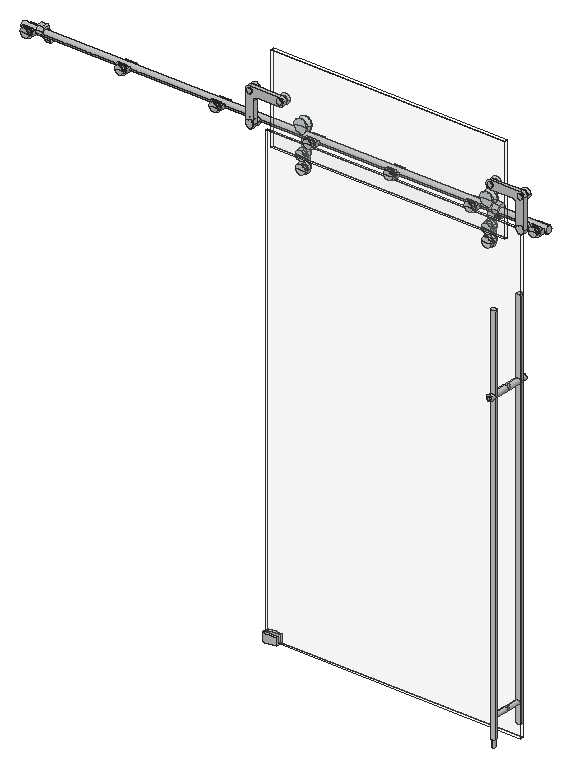
Revit family "Doors_Sliding_Avanti_Systems_Eclipse-Sliding-Single-Glass-Barn-Doors-Dbl-Glazed", category Doors, Revit 2015 (continued)
Definition of nested family "Handle"
  Definition of nested family "Hinged Framed Swing locker"
    Forms (in)
      Extrusion 8, void
        from -3.60215 to 0.49573
      Extrusion 9, solid, material <- "Handle and assembly material"
        sketch origin (1, -4, 4.59375) x (-1, 0, 0) y (0, -1, 0)
          loop
            arc (0.71851, -2.22043) -> (0.66353, -2.32283) -> (0.64453, -2.4375) r 0.35547
            arc (0.64453, -2.4375) -> (0.66353, -2.55217) -> (0.71851, -2.65457) r 0.35547
            line (0.71851, -2.65457) -> (5.3098, -2.57443) -> (5.375, -2.50923) -> (5.375, -2.36577) -> (5.3098, -2.30057) -> (0.71851, -2.22043)
        from 1.45847 to 2.125
      Extrusion 10, void
        sketch origin (0.04357, 0.92043, 4) x (0, 0, -1) y (0.017452, 0.999848, 0)
          loop
            arc (-1.23355, -2.79297) -> (-1.28242, -2.71908) -> (-1.36779, -2.69544) r 0.12635
            line (-1.36779, -2.69544) -> (-2.86779, -2.69544) -> (-2.86779, -2.90667) -> (-1.23355, -2.90667) -> (-1.23355, -2.79297)
        from -3.60215 to 0.49573
      Extrusion 11, solid, material <- "Handle and assembly material"
        sketch origin (1, -4, 3.40625) x (0, 1, 0) y (1, 0, 0)
          loop
            circle (2.4375, -1) r 0.35547
        from 0 to 1.45847
      Extrusion 12, void
        sketch origin (0.04357, -4.04543, 4) x (0, 0, 1) y (0.017452, -0.999848, 0)
          loop
            arc (-1.23355, -2.79297) -> (-1.28242, -2.71908) -> (-1.36779, -2.69544) r 0.12635
            line (-1.36779, -2.69544) -> (-2.86779, -2.69544) -> (-2.86779, -2.90667) -> (-1.23355, -2.90667) -> (-1.23355, -2.79297)
        from -3.60215 to 0.49573
      Extrusion 13, solid, material <- "Handle and assembly material"
        sketch origin (1, -4, 3.40625) x (0, 1, 0) y (1, 0, 0)
          loop
            line (2.22043, -0.71851) -> (2.30057, -5.3098) -> (2.36577, -5.375) -> (2.50923, -5.375) -> (2.57443, -5.3098) -> (2.65457, -0.71851)
            arc (2.65457, -0.71851) -> (2.55217, -0.66353) -> (2.4375, -0.64453) r 0.35547
            arc (2.4375, -0.64453) -> (2.32283, -0.66353) -> (2.22043, -0.71851) r 0.35547
        from 1.45847 to 2.125
      Extrusion 14, void
        sketch origin (0.04357, 0.92043, 4) x (0, 0, 1) y (-0.017452, -0.999848, 0)
          loop
            line (-1.23355, 2.79297) -> (-1.23355, 2.90667) -> (-2.86779, 2.90667) -> (-2.86779, 2.69544) -> (-1.36779, 2.69544)
            arc (-1.36779, 2.69544) -> (-1.28242, 2.71908) -> (-1.23355, 2.79297) r 0.12635
        from -3.60215 to 0.49573
    Cuts and joins
      Extrusion 8, Extrusion 10, Extrusion 12, Extrusion 14 cuts Extrusion 7
      Extrusion 10, Extrusion 12, Extrusion 14 cuts Extrusion 9
      joined: Extrusion 7, Extrusion 9
      Extrusion 12, Extrusion 14 cuts Extrusion 11
      Extrusion 12 cuts Extrusion 13
      joined: Extrusion 11, Extrusion 13
    Lines and regions (in)
      reference lines
        curve 1: line (0.35547, -1.5625, 0) -> (-4.39453, -1.5625, 0)
    Dimensions and locks (in)
      plane 4 to plane 5 = 1 3/16"
      plane 6 to plane 7 = 2"
      plane 11 to plane 2 = 8"
      plane 11 to plane 12 to plane 13 to plane 14 to plane 16 = 3 5/16" locked, 1" locked, 9/16" locked, 85/256" locked
      equal spacing: plane 17, plane 1 "Center (Front/Back)", plane 18
      "Thickness": plane 17 to plane 18
      locked: plane 19 to plane 7 at 0.09714
      locked: plane 15 to plane 10 at 0.11461
      equal spacing: plane 6, plane 3 "Center (Left/Right)", plane 7
      locked: plane 11 to plane 20 at 1.9375
      locked: plane 5 to plane 21 at 0.25
      locked: plane 22 to plane 21 at 0.041
      locked: plane 11 to plane 23 "handle_center" at 5.5625
      locked: plane 24 to plane 7 at 5.375
      locked: plane 5 to plane 29 at 2.125
      "Thickness": plane 32 to plane 33
      locked: Extrusion 1 to plane 32 at 0.34375
      locked: plane 33 to Extrusion 1 at 0.34375
      aligned and locked: level to plane 2
      aligned and locked: Extrusion 1 sketch curve to plane 6  (x2)
      aligned and locked: plane 7 to Extrusion 1 sketch curve
      aligned and locked: plane 7 to Extrusion 3 sketch curve  (x2)
      aligned and locked: plane 15 to Extrusion 3 sketch curve
      aligned and locked: plane 7 to Extrusion 2 sketch curve  (x2)
      aligned and locked: plane 10 to Extrusion 2 sketch curve
      aligned and locked: plane 19 to Extrusion 1 sketch curve
      aligned and locked: Extrusion 1 to plane 32
      aligned and locked: plane 33 to Extrusion 1
    Automatic sketch dimensions
      Extrusion 1 sketch curve to plane 12 = 3/32"
      Extrusion 1 sketch curve to Extrusion 1 sketch curve = 11/32"
      plane 13 to Extrusion 1 sketch curve = 1/16"
      Extrusion 1 sketch curve to plane 13 = 9/32"
      plane 23 "handle_center" to Extrusion 2 sketch curve = 0.09981"
      Extrusion 2 sketch curve to plane 3 "Center (Left/Right)" = 0.21269"
      plane 13 to Extrusion 2 sketch curve = 1/16"
      Extrusion 3 sketch curve to Extrusion 3 sketch curve = 0"  (x2)
      plane 19 to Extrusion 3 sketch curve = 0.0325"  (x2)
      Extrusion 3 sketch curve to plane 7 = 0.14874"  (x2)
      Extrusion 3 sketch curve to Extrusion 3 sketch curve = 0.01087"  (x2)
      Extrusion 3 sketch curve to Extrusion 3 sketch curve = 0.08227"
      Extrusion 3 sketch curve to plane 12 = 7/16"
      Extrusion 3 sketch curve to Extrusion 3 sketch curve = 0.09962"
      Extrusion 3 sketch curve to Extrusion 3 sketch curve = 0.1465"
      Extrusion 3 sketch curve to Extrusion 3 sketch curve = 0.06811"  (x2)
      Extrusion 3 sketch curve to Extrusion 3 sketch curve = 0.20701"
      plane 13 to Extrusion 3 sketch curve = 1/16"
      Extrusion 4 sketch curve to Extrusion 4 sketch curve = 0"  (x2)
      Extrusion 4 sketch curve to Extrusion 1 = 1"
      Extrusion 1 to Extrusion 4 sketch curve = 1 15/16"
      Extrusion 5 sketch curve to Extrusion 1 = 1"
      Extrusion 1 to Extrusion 5 sketch curve = 1 15/16"
      Extrusion 7 sketch curve to plane 3 "Center (Left/Right)" = 0"
      plane 25 to Extrusion 7 sketch curve = 0.32895"
      plane 20 to Extrusion 8 sketch curve = 0.80529"
      plane 12 to Extrusion 8 sketch curve = 0.68029"
      Extrusion 8 sketch curve to Extrusion 8 sketch curve = 0.0111"
      Extrusion 8 sketch curve to Extrusion 8 sketch curve = 0.12313"
      Extrusion 8 sketch curve to Extrusion 8 sketch curve = 0.09753"
      Extrusion 8 sketch curve to Extrusion 8 sketch curve = 0.1137"
      Extrusion 9 sketch curve to Extrusion 9 sketch curve = 0"  (x4)
      Extrusion 9 sketch curve to Extrusion 1 = 0.71851"
      Extrusion 9 sketch curve to Extrusion 9 sketch curve = 0.28149"
      Extrusion 1 to Extrusion 9 sketch curve = 3.3098"
      Extrusion 9 sketch curve to Extrusion 9 sketch curve = 0.0652"  (x3)
      Extrusion 1 to Extrusion 9 sketch curve = 2.65457"
      Extrusion 1 to Extrusion 9 sketch curve = 2.57443"
      Extrusion 9 sketch curve to Extrusion 9 sketch curve = 0.21707"
      Extrusion 9 sketch curve to Extrusion 9 sketch curve = 0.14346"
      plane 20 to Extrusion 10 sketch curve = 0.80529"
      plane 12 to Extrusion 10 sketch curve = 0.68029"
      Extrusion 10 sketch curve to Extrusion 10 sketch curve = 0.0111"
      Extrusion 10 sketch curve to Extrusion 10 sketch curve = 0.12313"
      Extrusion 10 sketch curve to Extrusion 10 sketch curve = 0.08537"
      Extrusion 10 sketch curve to Extrusion 10 sketch curve = 0.1137"
      Extrusion 11 sketch curve to plane 3 "Center (Left/Right)" = 0"
      plane 25 to Extrusion 11 sketch curve = 0.32895"
      plane 27 to Extrusion 12 sketch curve = 1.04735"
      Extrusion 12 sketch curve to plane 26 = 0.06323"
      Extrusion 12 sketch curve to plane 26 = 0.05213"
      Extrusion 12 sketch curve to plane 16 = 0.02652"
      Extrusion 12 sketch curve to Extrusion 12 sketch curve = 0.08537"
      Extrusion 12 sketch curve to Extrusion 12 sketch curve = 0.1137"
      Extrusion 13 sketch curve to Extrusion 13 sketch curve = 0"  (x2)
      Extrusion 13 sketch curve to plane 24 = 0"
      Extrusion 13 sketch curve to plane 3 "Center (Left/Right)" = 0"
      plane 28 to Extrusion 13 sketch curve = 0.27265"
      Extrusion 13 sketch curve to plane 24 = 0.0652"  (x2)
      plane 28 to Extrusion 13 sketch curve = 0.35279"
      Extrusion 13 sketch curve to Extrusion 13 sketch curve = 0.0652"  (x2)
      plane 25 to Extrusion 13 sketch curve = 0.32895"
      Extrusion 13 sketch curve to Extrusion 13 sketch curve = 0.14346"
      plane 25 to Extrusion 13 sketch curve = 0.11187"
      plane 3 "Center (Left/Right)" to Extrusion 13 sketch curve = 0.28149"
      plane 27 to Extrusion 14 sketch curve = 1.04735"
      Extrusion 14 sketch curve to plane 26 = 0.06323"
      Extrusion 14 sketch curve to plane 26 = 0.05213"
      Extrusion 14 sketch curve to plane 16 = 0.02652"
      Extrusion 14 sketch curve to Extrusion 14 sketch curve = 0.09753"
      Extrusion 14 sketch curve to Extrusion 14 sketch curve = 0.1137"
      plane 24 to curve 1 = 5/256"
      plane 25 to curve 1 = 0.32895"
      plane 3 "Center (Left/Right)" to curve 1 = 91/256"
      radius of Extrusion 4 sketch curve = 0.63654"
      radius of Extrusion 4 sketch curve = 0.60041"
      radius of Extrusion 5 sketch curve = 0.60041"
      radius of Blend 6 sketch curve = 0.21605"
      radius of Blend 6 sketch curve = 0.19257"
      radius of Extrusion 7 sketch curve = 91/256"
      radius of Extrusion 11 sketch curve = 91/256"
  Definition of nested family "Handle_For-Glass_Rounded_600mm"
    Parameters (values of type "Handle_For-Glass_Rounded_600mm")
      Handle Material [instance] = none
      Handle Height [instance] = 48"  # constant formula
      Default Elevation = 48"
    Reference planes (in)
      plane 1 "Center (Front/Back)": y = 0
      plane 2: z = 26.93599
      plane 3 "Center (Left/Right)": x = 0
      plane 4: z = 0
      plane 5: z = -2.66749
      plane 6: y = -28.44876
      plane 7: y = 14.63423
      plane 8: y = -33.36577
    Forms (in)
      Sweep 1, solid, material <- "Handle Material"
        path origin (0, -17.24158, 0) x (0, 0, 1) y (0, -1, 0)
          loop
            line (-2.10925, 11.20718) -> (0, 11.20718)
        profile origin (0, -28.44876, 0) x (0, -1, 0) y (1, 0, 0)
          loop
            circle (0, 0) r 0.3125
      Sweep 2, solid, material <- "Handle Material"
        path origin (0, 10.76459, 0) x (0, 0, 1) y (0, -1, 0)
          loop
            line (-2.30394, 1.07019) -> (0, 1.07019)
        profile origin (0, 9.69441, 0) x (0, -1, 0) y (1, 0, 0)
          loop
            circle (0, 0) r 0.3125
      Extrusion 3, solid, material <- "Handle Material"
        sketch origin (0, -17.24158, 0) x (1, 0, 0) y (0, 0, -1)
          loop
            circle (0, 2.27257) r 0.39445
        from -16.12419 to 31.87581
    Dimensions and locks (in)
      locked: plane 8 to plane 6 at 4.91701
      "Handle Height": plane 7 to plane 8
      aligned and locked: plane 7 to Extrusion 3
      aligned and locked: Extrusion 3 to plane 8
  Definition of nested family "Handle_For-Glass_Rounded_60in"
    Parameters (values of type "60"")
      No locker [instance] = yes
      Locker [instance] = yes
      Handle Material [instance] = none
      Handle Height [instance] = 60"  # constant formula
    Reference planes (in)
      plane 1 "Center (Front/Back)": y = 0
      plane 2: z = 19.87581
      plane 3 "Center (Left/Right)": x = 0
      plane 4: z = 2.66749
      plane 5: y = -36.97039
      plane 6: z = 0
      plane 7: y = 20.02961
      plane 8: y = -39.97039
    Forms (in)
      Sweep 1, solid, material <- "Handle Material"
        path origin (0, -11.8462, 0) x (0, 0, -1) y (0, 1, 0)
          loop
            line (-2.10925, -25.12419) -> (0, -25.12419)
        profile origin (0, -36.97039, 0) x (1, 0, 0) y (0, 1, 0)
          loop
            circle (0, 0) r 0.3125
      Sweep 2, solid, material <- "Handle Material"
        path origin (0, 16.15997, 0) x (0, 0, -1) y (0, 1, 0)
          loop
            line (-3.10757, -8.13036) -> (0, -8.13036)
        profile origin (0, 8.02961, 0) x (1, 0, 0) y (0, 1, 0)
          loop
            circle (0, 0) r 0.4375
      Extrusion 3, solid, material <- "Handle Material"
        sketch origin (0, -11.8462, 0) x (1, 0, 0) y (0, 0, -1)
          loop
            circle (0, -2.27257) r 0.39445
        from -28.12419 to 31.87581
      Revolve 4, solid, material <- "Handle Material"
        sketch origin (0, -11.8462, 0) x (0, 0, -1) y (0, 1, 0)
          loop
            line (-3.10757, 20.0489) -> (-3.19084, 20.0489) -> (-3.19084, 19.87581) -> (-3.10757, 19.87581) -> (-3.10757, 20.0489)
          axis (-3.10757, 19.87581) -> (-3.19084, 19.87581)
        angle from 0 to 360
      Extrusion 5, solid, material <- "Handle Material", visible <- "Locker"
        sketch origin (0, -11.8462, 0) x (0, 0, -1) y (0, 1, 0)
          loop
            line (-3.19084, 19.98905) -> (-3.34908, 19.98905)
            arc (-3.34908, 19.98905) -> (-3.37904, 19.97664) -> (-3.39145, 19.94668) r 0.04237
            line (-3.39145, 19.94668) -> (-3.39145, 19.80495)
            arc (-3.39145, 19.80495) -> (-3.37904, 19.77499) -> (-3.34908, 19.76258) r 0.04237
            line (-3.34908, 19.76258) -> (-3.19084, 19.76258) -> (-3.19084, 19.98905)
        from -0.03592 to 0.03621
      Revolve 6, solid, material <- "Handle Material", visible <- "No locker"
        sketch origin (0, -11.62359, 0) x (0, 0, -1) y (0, 1, 0)
          loop
            line (-3.10757, 20.0489) -> (-3.20833, 20.0489) -> (-3.20833, 19.87581) -> (-3.10757, 19.87581) -> (-3.10757, 20.0489)
          axis (-3.10757, 19.87581) -> (-3.20833, 19.87581)
        angle from 0 to 360
      Revolve 7, solid, material <- "Handle Material", visible <- "Locker"
        sketch origin (0, -11.8462, 0) x (0, 0, -1) y (0, 1, 0)
          loop
            line (-2.27257, -28.12419) -> (-2.50833, -28.12419) -> (-2.50833, -29.32199) -> (-2.41048, -29.49919) -> (-2.27257, -29.49919) -> (-2.27257, -28.12419)
          axis (-2.27257, -28.12419) -> (-2.27257, -29.49919)
        angle from 0 to 360
    Lines and regions (in)
      reference lines
        curve 1: line (0, -40.47039, 2.66749) -> (0, -40.47039, 0)
    Dimensions and locks (in)
      locked: plane 8 to plane 5 at 3
      "Handle Height": plane 7 to plane 8
      aligned and locked: Extrusion 3 to plane 7
      aligned and locked: Extrusion 3 to plane 8
      aligned and locked: Sweep 1 sketch curve to plane 5
  Definition of nested family "Handle_For-Glass_Rounded_60in2"
    Parameters (values of type "60"")
      No locker [instance] = yes
      Locker [instance] = yes
      Handle Material [instance] = none
      Handle Height [instance] = 60"  # constant formula
    Reference planes (in)
      plane 1 "Center (Front/Back)": y = 0
      plane 2: z = 19.87581
      plane 3 "Center (Left/Right)": x = 0
      plane 4: y = -36.97039
      plane 5: z = 0
      plane 6: y = 20.02961
      plane 7: y = -39.97039
      plane 8: z = -2.66749
    Forms (in)
      Sweep 1, solid, material <- "Handle Material"
        path origin (0, -11.8462, 0) x (0, 0, 1) y (0, 1, 0)
          loop
            line (-2.10925, -25.12419) -> (0, -25.12419)
        profile origin (0, -36.97039, 0) x (0, -1, 0) y (1, 0, 0)
          loop
            circle (0, 0) r 0.3125
      Sweep 2, solid, material <- "Handle Material"
        path origin (0, 16.15997, 0) x (0, 0, 1) y (0, 1, 0)
          loop
            line (-3.10757, -8.13036) -> (0, -8.13036)
        profile origin (0, 8.02961, 0) x (0, -1, 0) y (1, 0, 0)
          loop
            circle (0, 0) r 0.4375
      Extrusion 3, solid, material <- "Handle Material"
        sketch origin (0, -11.8462, 0) x (1, 0, 0) y (0, 0, -1)
          loop
            circle (0, 2.27257) r 0.39445
        from -28.12419 to 31.87581
      Revolve 4, solid, material <- "Handle Material"
        sketch origin (0, -11.8462, 0) x (0, 0, 1) y (0, 1, 0)
          loop
            line (-3.10757, 20.0489) -> (-3.19084, 20.0489) -> (-3.19084, 19.87581) -> (-3.10757, 19.87581) -> (-3.10757, 20.0489)
          axis (-3.10757, 19.87581) -> (-3.19084, 19.87581)
        angle from 0 to 360
      Extrusion 5, solid, material <- "Handle Material", visible <- "Locker"
        sketch origin (0, -11.8462, 0) x (0, 0, 1) y (0, -1, 0)
          loop
            line (-3.19084, -19.98905) -> (-3.19084, -19.76258) -> (-3.34908, -19.76258)
            arc (-3.34908, -19.76258) -> (-3.37904, -19.77499) -> (-3.39145, -19.80495) r 0.04237
            line (-3.39145, -19.80495) -> (-3.39145, -19.94668)
            arc (-3.39145, -19.94668) -> (-3.37904, -19.97664) -> (-3.34908, -19.98905) r 0.04237
            line (-3.34908, -19.98905) -> (-3.19084, -19.98905)
        from -0.03592 to 0.03621
      Revolve 6, solid, material <- "Handle Material", visible <- "No locker"
        sketch origin (0, -11.62359, 0) x (0, 0, 1) y (0, 1, 0)
          loop
            line (-3.10757, 20.0489) -> (-3.20833, 20.0489) -> (-3.20833, 19.87581) -> (-3.10757, 19.87581) -> (-3.10757, 20.0489)
          axis (-3.10757, 19.87581) -> (-3.20833, 19.87581)
        angle from 0 to 360
      Revolve 7, solid, material <- "Handle Material", visible <- "Locker"
        sketch origin (0, -11.8462, 0) x (0, 0, 1) y (0, 1, 0)
          loop
            line (-2.27257, -28.12419) -> (-2.50833, -28.12419) -> (-2.50833, -29.32199) -> (-2.41048, -29.49919) -> (-2.27257, -29.49919) -> (-2.27257, -28.12419)
          axis (-2.27257, -28.12419) -> (-2.27257, -29.49919)
        angle from 0 to 360
    Lines and regions (in)
      reference lines
        curve 1: line (0, -40.47039, -2.66749) -> (0, -40.47039, 0)
    Dimensions and locks (in)
      locked: plane 7 to plane 4 at 3
      "Handle Height": plane 6 to plane 7
Definition of nested family "Arrow"
  Reference planes (in)
    plane 1 "Center (Front/Back)": y = 0
    plane 2: z = 0
    plane 3 "Center (Left/Right)": x = 0
  Lines and regions (in)
    detail lines, in view "Ref. Level"
      curve 1: line (-2.57725, 1.35976, 0) -> (-3.93701, 0, 0)
      curve 2: line (-3.93701, 0, 0) -> (3.93701, 0, 0)
      curve 3: line (-2.57725, -1.35976, 0) -> (-3.93701, 0, 0)
